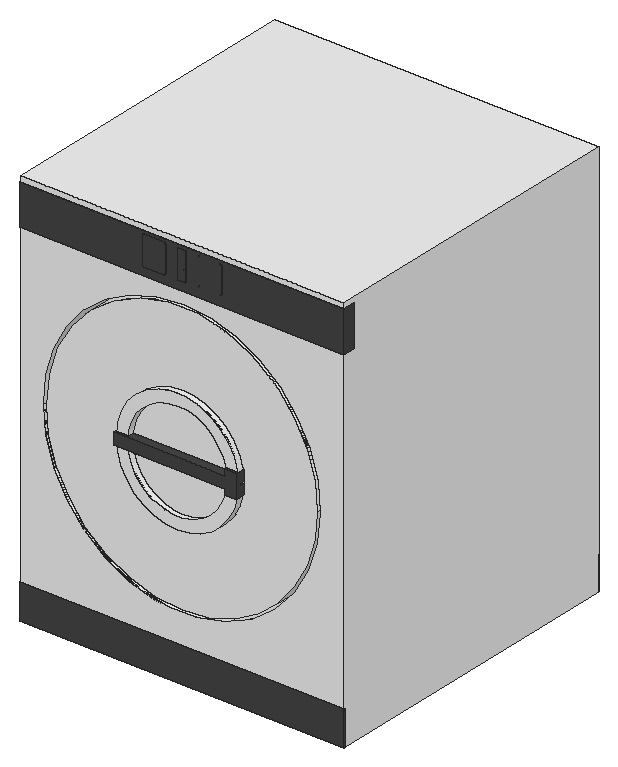
Revit family "L-Series_ContinentalGirbau", category Mechanical Equipment, Revit 2018
Family settings
  Round Connector Dimension = Use Radius
  Part Type = Normal
  OmniClass Number = 23.45.70.11.14.11
  OmniClass Title = Washing Machines
  Work Plane-Based = No
  Always vertical = Yes
  Cut with Voids When Loaded = No
  Shared = No
  Room Calculation Point = No
Parameters (values of type "As Specified")
  Water_Pressure = ""
  Water_Flow_Rate = ""
  Warranty Duration (Years) = 0
  VOLTAGE = 240 V
  URL = "http://www.continentalgirbau.com"
  Trim Material = Painted Metal - Black
  Three Phase = 0 VA
  Test Data = ""
  Specification = "http://www.arcat.com/sd/clients/cogirbau.html?coid=44467"
  SpecWizard = "http://www.arcat.com/specwizard/11110con/index.htm?mf=&coid=44467"
  Single Phase = 0 VA
  Shell Material = Stainless Steel
  Send Message = "http://admin.arcat.com/users.pl?action=UserEmail&company=Continental%20Girbau,%20Inc.&coid=44467&rep=132&fax=920-231-4666 &mf="
  Sales Information = ""
  Product Properties = "http://www.arcat.com/bim/bim_info.pl?fn=Commercial_Washer"
  Product Data = "http://www.arcat.com/arcatcos/cos44/arc44467.html"
  Perf_WashSpeed = "34 rpm"
  Perf_SpinSpeed = "465 rpm"
  Perf_G-Force = "130 G"
  OpeningCL = DoorOpening / 2  # 0' - 10 5/8"
  Model = "Generic"
  Mech_Waste = 0' - 3"
  Mech_Steam-Pressure = "0 psi"
  Mech_Steam-Flow = "0 lbs/hr"
  Mech_Steam = 0' - 0 3/4"
  Mech_HW = 0' - 1"
  Mech_CW = 0' - 1"
  Manufacturer Website = "http://www.continentalgirbau.com"
  Manufacturer Phone - Toll Free = "800-256-1073 "
  Manufacturer Phone = "920-231-8222 "
  Manufacturer Fax = "920-231-4666 "
  Manufacturer Address = "2500 State Rd. 44; Oshkosh; WI 54904\r\n"
  Manufacturer = "Continental Girbau, Inc.\r\n"
  Maintenance Schedule (Months) = 0
  MachWidth = 4' - 8"
  MachHeight = 5' - 9"
  MachDepth = 4' - 7"
  LwrPanHt = MachHeight / 3  # 1' - 11"
  Keynote = "11 23 00"
  Installation-Fabrication = ""
  Installation Phase = "Interior Fittings"
  InstWidth = 1' - 6"
  Green Building-LEED = "http://www.arcat.com/green/clients/leed_data_44467.html"
  GlassCL = OpeningCL - 0' 2"  # 0' - 8 5/8"
  Fr_FaceWdth = MachWidth / 6  # 0' - 9.33333"
  Expected Lifespan (Years) = 0
  Drawn By = "Robert S. Weygant, CSI, CDT, SCIP"
  DoorOpening = 1' - 9 1/4"
  DoorHeight = 2' - 0 51/128"
  Description = "Commercial Washer"
  Cyl_Diam = CylRad * 2  # 4' - 0"
  Cyl_Depth = 1' - 11 1/2"
  CylRad = 2' - 0"
  Copyright = "2009, ARCAT, Inc."  # constant formula
  Construction Details = "http://www.arcat.com/details/cogirbau/cogirbau.html?coid=44467"
  Capacity_Weight = 125
  Capacity_Volume = (3.1416 * (CylRad ^ 2)) * Cyl_Depth  # 0.69685 m³
  Building Codes = ""
  Assembly Code = "E1010610"
  480V THREE PHASE [instance] = yes
  240V THREE PHASE [instance] = yes
Reference planes (in)
  plane 1 "Front": y = 0
  plane 2: z = 0
  plane 3 "Center (Left/Right)": x = 4.36029
  plane 4: x = -23.63971
  plane 5: x = 32.36029
  plane 6: y = 55
  plane 7: z = 69
  plane 8: z = 35.02344
  plane 9: z = 24.39844
  plane 10 "DoorFront": y = 2
  plane 11: y = 25.5
Forms (in)
  Extrusion 1, solid, material "Stainless Steel" <- "Shell Material"
    sketch origin (0, 0, 0) x (1, 0, 0) y (0, 1, 0)
      loop
        line (-23.63971, 0) -> (32.36029, 0) -> (32.36029, 55) -> (-23.63971, 55) -> (-23.63971, 0)
    from 0 to 69
  Extrusion 2, solid, material "Stainless Steel" <- "Shell Material"
    sketch origin (0, 2, -5.875) x (-1, 0, 0) y (0, 0, 1)
      loop
        circle (-4.36029, 40.89844) r 10.625
      loop
        circle (-4.36029, 40.89844) r 8.625
    from 0.5 to -3
  Extrusion 3, void
    sketch origin (0, 2, -5.875) x (-1, 0, 0) y (0, 0, 1)
      loop
        circle (-4.36029, 40.89844) r 24
      loop
        circle (-4.36029, 40.89844) r 23.5
    from -2 to 23.5
  Extrusion 4, void
    sketch origin (0, 2, 0) x (-1, 0, 0) y (0, 0, 1)
      loop
        circle (-4.36029, 35.02344) r 10.625
    from 0 to 0.5
  Extrusion 5, solid, material "Painted Metal - Black"
    sketch origin (0.61182, 2, 0) x (-1, 0, 0) y (0, 0, 1)
      loop
        line (24.31403, 68.08799) -> (-31.81202, 68.08799) -> (-31.81202, 61) -> (24.31403, 61) -> (24.31403, 68.08799)
    from 0 to -2.0625
  Extrusion 6, solid, material "Glass"
    sketch origin (0, 2, -5.875) x (-1, 0, 0) y (0, 0, 1)
      loop
        circle (-4.36029, 40.89844) r 8.625
    from 0 to 0.5
  Extrusion 7, solid, material "Painted Metal - Black" <- "Trim Material"
    sketch origin (0, 0, 0) x (1, 0, 0) y (0, 0, 1)
      loop
        line (-2.50408, 67.19557) -> (-2.50408, 62.69487)
        arc (-2.50408, 62.69487) -> (-2.43108, 62.51861) -> (-2.25482, 62.4456) r 0.24926
        line (-2.25482, 62.4456) -> (1.2445, 62.4456)
        arc (1.2445, 62.4456) -> (1.42112, 62.51876) -> (1.49428, 62.69538) r 0.24977
        line (1.49428, 62.69538) -> (1.49428, 67.19506)
        arc (1.49428, 67.19506) -> (1.42112, 67.37168) -> (1.2445, 67.44483) r 0.24977
        line (1.2445, 67.44483) -> (-2.25482, 67.44483)
        arc (-2.25482, 67.44483) -> (-2.43108, 67.37183) -> (-2.50408, 67.19557) r 0.24926
      loop
        line (3.64555, 67.44522) -> (3.64555, 62.44522) -> (5.07503, 62.44522) -> (5.07503, 67.44522) -> (3.64555, 67.44522)
      loop
        line (7.47361, 62.67927) -> (10.97411, 62.67927)
        arc (10.97411, 62.67927) -> (11.15128, 62.75266) -> (11.22466, 62.92983) r 0.25055
        line (11.22466, 62.92983) -> (11.22466, 67.19496)
        arc (11.22466, 67.19496) -> (11.15128, 67.37212) -> (10.97411, 67.44551) r 0.25055
        line (10.97411, 67.44551) -> (7.47361, 67.44551)
        arc (7.47361, 67.44551) -> (7.29671, 67.37223) -> (7.22344, 67.19534) r 0.25017
        line (7.22344, 67.19534) -> (7.22344, 62.92944)
        arc (7.22344, 62.92944) -> (7.29671, 62.75255) -> (7.47361, 62.67927) r 0.25017
    from 0 to 0.0625
  Extrusion 8, solid, material "Painted Metal - Black" <- "Trim Material"
    sketch origin (0, 0, 0) x (1, 0, 0) y (0, 0, 1)
      loop
        line (-23.63971, 0) -> (32.36029, 0) -> (32.36029, 6) -> (-23.63971, 6) -> (-23.63971, 0)
    from -0.0625 to 0.0625
  Extrusion 9, solid
    sketch origin (0, 0, 0) x (1, 0, 0) y (0, 0, 1)
      loop
        line (32.36029, 0) -> (32.36029, 6) -> (26.36029, 6) -> (26.36029, 0) -> (32.36029, 0)
    from -55 to -55.0625
  Extrusion 10, solid
    sketch origin (0, 0, 0) x (1, 0, 0) y (0, 0, 1)
      loop
        line (7.36029, 18) -> (1.36029, 18) -> (1.36029, 12) -> (7.36029, 12) -> (7.36029, 18)
    from -55.0625 to -55
  Extrusion 11, solid
    sketch origin (19, 0, 42.28245) x (1, 0, 0) y (0, 0, 1)
      loop
        line (7.36029, 18.71755) -> (1.36029, 18.71755) -> (1.36029, 12.71755) -> (7.36029, 12.71755) -> (7.36029, 18.71755)
    from -55.0625 to -55
  Extrusion 12, solid
    sketch origin (9, 0, 42.28245) x (1, 0, 0) y (0, 0, 1)
      loop
        line (7.36029, 18.71755) -> (1.36029, 18.71755) -> (1.36029, 12.71755) -> (7.36029, 12.71755) -> (7.36029, 18.71755)
    from -55.0625 to -55
  Extrusion 13, solid
    sketch origin (-14.5, 0, 0) x (1, 0, 0) y (0, 0, 1)
      loop
        line (0.86029, 18) -> (-5.13971, 18) -> (-5.13971, 12) -> (0.86029, 12) -> (0.86029, 18)
    from -55.0625 to -55
  Extrusion 14, solid, material "Painted Metal - Black" <- "Trim Material"
    sketch origin (0, 0, 0) x (1, 0, 0) y (0, 0, 1)
      loop
        line (12.98529, 37.02344) -> (12.98529, 36.02344) -> (-6.26471, 36.02344) -> (-6.26471, 34.02344) -> (12.98529, 34.02344) -> (12.98529, 33.02344) -> (14.98529, 33.02344) -> (14.98529, 37.02344) -> (12.98529, 37.02344)
    from 0 to 1.49842
Cuts and joins
  Extrusion 3, Extrusion 4 cuts Extrusion 1
  Extrusion 3, Extrusion 4 cuts Extrusion 2
Lines and regions (in)
  symbolic lines
    curve 1: line (16.98529, 2, 0) -> (14.98529, 2, 0)
    curve 2: line (16.98529, -19.25, 0) -> (16.98529, 2, 0)
    curve 3: line (14.98529, -19.25, 0) -> (16.98529, -19.25, 0)
    curve 4: line (14.98529, 2, 0) -> (14.98529, -19.25, 0)
    curve 5: arc (14.98529, -19.25, 0) -> (-0.04073, -13.02602, 0) -> (-6.26471, 2, 0) r 21.25
Dimensions and locks (in)
  "MachWidth": plane 4 to plane 5
  "MachDepth": plane 1 "Front" to plane 6
  equal spacing: plane 4, plane 3 "Center (Left/Right)", plane 5
  "MachHeight": plane 7 to plane 2
  "DoorHeight": plane 9 to plane 2
  "OpeningCL": plane 8 to plane 9
  "Cyl_Depth": plane 11 to plane 10 "DoorFront"
  locked: Extrusion 5 sketch curve to Extrusion 5 sketch curve at 7.08799
  "DoorOpening": curve 3 to curve 1
  locked: Extrusion 7 sketch curve to Extrusion 7 sketch curve at 3.99836
  locked: Extrusion 7 sketch curve to Extrusion 7 sketch curve at 4.00123
  equal spacing: Extrusion 7 sketch curve, plane 3 "Center (Left/Right)", Extrusion 7 sketch curve  (x2)
  locked: Extrusion 8 to Extrusion 9 sketch curve at 6
  locked: Extrusion 9 sketch curve to Extrusion 9 sketch curve at 6
  locked: Extrusion 9 to cut or joined group of Extrusion 1, Extrusion 3, Extrusion 4 at 0.0625
  locked: Extrusion 10 sketch curve to Extrusion 10 sketch curve at 6  (x2)
  locked: cut or joined group of Extrusion 1, Extrusion 3, Extrusion 4 to Extrusion 10 sketch curve at 12
  equal spacing: Extrusion 10 sketch curve, plane 3 "Center (Left/Right)", Extrusion 10 sketch curve
  locked: Extrusion 11 sketch curve to Extrusion 11 sketch curve at 6  (x2)
  Extrusion 11 sketch curve to Extrusion 11 sketch curve = 0' - 6"
  locked: cut or joined group of Extrusion 1, Extrusion 3, Extrusion 4 to Extrusion 11 at 6
  locked: Extrusion 12 sketch curve to Extrusion 12 sketch curve at 6  (x2)
  Extrusion 12 sketch curve to Extrusion 12 sketch curve = 0' - 6"
  locked: cut or joined group of Extrusion 1, Extrusion 3, Extrusion 4 to Extrusion 12 at 16
  locked: Extrusion 11 to cut or joined group of Extrusion 1, Extrusion 3, Extrusion 4 at 8
  locked: Extrusion 12 to cut or joined group of Extrusion 1, Extrusion 3, Extrusion 4 at 8
  locked: Extrusion 13 sketch curve to Extrusion 13 sketch curve at 6  (x2)
  Extrusion 13 sketch curve to Extrusion 13 sketch curve = 0' - 6"
  locked: cut or joined group of Extrusion 1, Extrusion 3, Extrusion 4 to Extrusion 13 at 4
  locked: cut or joined group of Extrusion 1, Extrusion 3, Extrusion 4 to Extrusion 13 at 12
  equal spacing: curve 5, plane 3 "Center (Left/Right)", curve 2
  plane 3 "Center (Left/Right)" to curve 4 = 0' - 10 5/8"
  locked: curve 4 to curve 2 at 2
  locked: plane 4 to Extrusion 5 at 0.0625
  locked: plane 5 to Extrusion 5 at 0.06355
  "DoorOpening": Extrusion 14 sketch curve to Extrusion 14 sketch curve
  equal spacing: Extrusion 14 sketch curve, plane 3 "Center (Left/Right)", Extrusion 14 sketch curve
  locked: Extrusion 14 to plane 1 "Front" at 1.49842
  "OpeningCL": radius of Extrusion 2 sketch curve
  "GlassCL": radius of Extrusion 2 sketch curve
  "CylRad": radius of Extrusion 3 sketch curve
  "OpeningCL": radius of Extrusion 4 sketch curve
  "GlassCL": radius of Extrusion 6 sketch curve
  "DoorOpening": radius of curve 5
  aligned and locked: plane 4 to Extrusion 1
  aligned and locked: plane 5 to Extrusion 1
  aligned and locked: plane 1 "Front" to Extrusion 1
  aligned and locked: plane 6 to Extrusion 1
  aligned and locked: plane 7 to Extrusion 1
  aligned and locked: plane 11 to cut or joined group of Extrusion 1, Extrusion 3, Extrusion 4
  aligned and locked: Extrusion 8 sketch curve to plane 5
  aligned and locked: Extrusion 8 sketch curve to plane 2
  aligned and locked: cut or joined group of Extrusion 1, Extrusion 3, Extrusion 4 to Extrusion 8 sketch curve
  aligned and locked: plane 8 to Extrusion 6
  aligned and locked: plane 8 to cut or joined group of Extrusion 2, Extrusion 3, Extrusion 4
  aligned and locked: plane 8 to cut or joined group of Extrusion 1, Extrusion 3, Extrusion 4
  aligned and locked: Extrusion 9 sketch curve to cut or joined group of Extrusion 1, Extrusion 3, Extrusion 4  (x2)
  aligned and locked: Extrusion 9 to cut or joined group of Extrusion 1, Extrusion 3, Extrusion 4
  aligned and locked: Extrusion 10 to cut or joined group of Extrusion 1, Extrusion 3, Extrusion 4
  aligned and locked: Extrusion 10 to Extrusion 9
  aligned and locked: Extrusion 11 to cut or joined group of Extrusion 1, Extrusion 3, Extrusion 4
  aligned and locked: Extrusion 11 to Extrusion 9
  aligned and locked: Extrusion 12 to cut or joined group of Extrusion 1, Extrusion 3, Extrusion 4
  aligned and locked: Extrusion 12 to Extrusion 9
  aligned and locked: Extrusion 13 to cut or joined group of Extrusion 1, Extrusion 3, Extrusion 4
  aligned and locked: Extrusion 13 to Extrusion 9
  aligned and locked: plane 10 "DoorFront" to curve 1
  aligned and locked: plane 1 "Front" to Extrusion 3
  aligned and locked: Extrusion 5 to Extrusion 7
  aligned and locked: Extrusion 14 to plane 1 "Front"
Automatic sketch dimensions
  Extrusion 1 sketch curve to plane 4 = 0' - 0"
  Extrusion 1 sketch curve to plane 5 = 0' - 0"
  Extrusion 1 sketch curve to plane 6 = 0' - 0"
  Extrusion 2 sketch curve to Extrusion 2 sketch curve = 0' - 0"  (x2)
  Extrusion 2 sketch curve to plane 3 "Center (Left/Right)" = 0' - 0"
  Extrusion 2 sketch curve to plane 8 = 0' - 0"
  Extrusion 4 sketch curve to plane 3 "Center (Left/Right)" = 0' - 0"
  Extrusion 4 sketch curve to plane 8 = 0' - 0"
  Extrusion 6 sketch curve to plane 3 "Center (Left/Right)" = 0' - 0"
  Extrusion 6 sketch curve to plane 8 = 0' - 0"
  Extrusion 7 sketch curve to plane 7 = 0' - 1.80443"
  Extrusion 7 sketch curve to plane 3 "Center (Left/Right)" = 0' - 6.86437"
  Extrusion 7 sketch curve to Extrusion 7 sketch curve = 0' - 0.24926"  (x2)
  Extrusion 7 sketch curve to Extrusion 7 sketch curve = 0' - 0.24977"  (x2)
  Extrusion 7 sketch curve to plane 3 "Center (Left/Right)" = 0' - 0.71474"
  Extrusion 7 sketch curve to Extrusion 7 sketch curve = 0' - 0.25017"  (x2)
  Extrusion 7 sketch curve to Extrusion 7 sketch curve = 0' - 0.25055"  (x2)
  Extrusion 7 sketch curve to plane 7 = 0' - 1.80504"
  Extrusion 7 sketch curve to Extrusion 7 sketch curve = 0' - 4.26513"
  Extrusion 7 sketch curve to Extrusion 7 sketch curve = 0' - 4.49968"
  Extrusion 7 sketch curve to Extrusion 7 sketch curve = 0' - 0.25016"
  Extrusion 7 sketch curve to plane 7 = 0' - 1.55478"
  level to Extrusion 8 sketch curve = 0' - 6"
  plane 3 "Center (Left/Right)" to Extrusion 11 sketch curve = 1' - 4"
  plane 8 to Extrusion 11 sketch curve = 1' - 7 125/128"
  plane 3 "Center (Left/Right)" to Extrusion 12 sketch curve = 0' - 6"
  plane 8 to Extrusion 12 sketch curve = 1' - 7 125/128"
  Extrusion 13 sketch curve to plane 9 = 0' - 6 51/128"
  plane 4 to Extrusion 13 sketch curve = 0' - 4"
  Extrusion 1 sketch curve to plane 1 "Front" = 0' - 0"
  Extrusion 3 sketch curve to Extrusion 3 sketch curve = 0' - 0"  (x2)
  Extrusion 3 sketch curve to plane 8 = 0' - 0"
  Extrusion 3 sketch curve to plane 3 "Center (Left/Right)" = 0' - 0"
  plane 5 to Extrusion 3 sketch curve = 0' - 4 1/2"
  Extrusion 5 sketch curve to plane 5 = 0' - 0.06355"
  Extrusion 5 sketch curve to plane 4 = 0' - 0 1/16"
  Extrusion 5 sketch curve to plane 7 = 0' - 8"
  Extrusion 14 sketch curve to plane 8 = 0' - 1"
  plane 8 to Extrusion 14 sketch curve = 0' - 1"
  Extrusion 14 sketch curve to Extrusion 14 sketch curve = 0' - 2"  (x2)
  Extrusion 14 sketch curve to Extrusion 14 sketch curve = 0' - 1"  (x2)
  curve 5 to plane 3 "Center (Left/Right)" = 0' - 10 5/8"
Connectors (in)
  electrical at (29.36029, 55.0625, 3), driven by "VOLTAGE", driven by "Single Phase", driven by "Three Phase"
    settings: on Extrusion 9, index 1, voltage 240 V, apparent load 0 VA, apparent load phase1 0 VA, apparent load phase2 0 VA, apparent load phase3 0 VA, power factor 1, load classification "Other", number of poles 3, system type 31, power factor state 1, is connector primary yes, connector utility no, sub classification motor no, connector description "POWER"
  piping at (4.36029, 55.0625, 15), diameter 6, driven by "Mech_Waste"
    settings: on Extrusion 10, index 2, connector inside diameter 6", connector length 0' - 0", flow factor 0, pipe flow 0 GPM, pressure drop 0.00 psi, fitting loss kfactor 0, connector angle 0.00°, fixture units 0, engagement length 0' - 0", angle of deflection 0.00°, flow configuration 0, flow direction 0, fitting loss method 0, system type 16, joint type 0, gender type 0, connector reference index -1, connector utility 0, adjustable connector no, is connector primary yes, connector description "MECH WASTE"
  piping at (23.36029, 55.0625, 58), diameter 2, driven by "Mech_HW"
    settings: on Extrusion 11, index 3, connector inside diameter 2", connector length 0' - 0", flow factor 0, pipe flow 0 GPM, pressure drop 0.00 psi, fitting loss kfactor 0, connector angle 0.00°, fixture units 0, engagement length 0' - 0", angle of deflection 0.00°, flow configuration 0, flow direction 0, fitting loss method 0, system type 19, joint type 0, gender type 0, connector reference index -1, connector utility 0, adjustable connector no, is connector primary no, connector description "MECH HW"
  piping at (13.36029, 55.0625, 58), diameter 2, driven by "Mech_CW"
    settings: on Extrusion 12, index 4, connector inside diameter 2", connector length 0' - 0", flow factor 0, pipe flow 0 GPM, pressure drop 0.00 psi, fitting loss kfactor 0, connector angle 0.00°, fixture units 0, engagement length 0' - 0", angle of deflection 0.00°, flow configuration 0, flow direction 0, fitting loss method 0, system type 20, joint type 0, gender type 0, connector reference index -1, connector utility 0, adjustable connector no, is connector primary no, connector description "MECH CW"
  piping at (-16.63971, 55.0625, 15), diameter 1.5, driven by "Mech_Steam"
    settings: on Extrusion 13, index 5, connector inside diameter 1 1/2", connector length 0' - 0", flow factor 0, pipe flow 0 GPM, pressure drop 0.00 psi, fitting loss kfactor 0, connector angle 0.00°, fixture units 0, engagement length 0' - 0", angle of deflection 0.00°, flow configuration 0, flow direction 0, fitting loss method 0, system type 22, joint type 0, gender type 0, connector reference index -1, connector utility 0, adjustable connector no, is connector primary no, connector description ""
